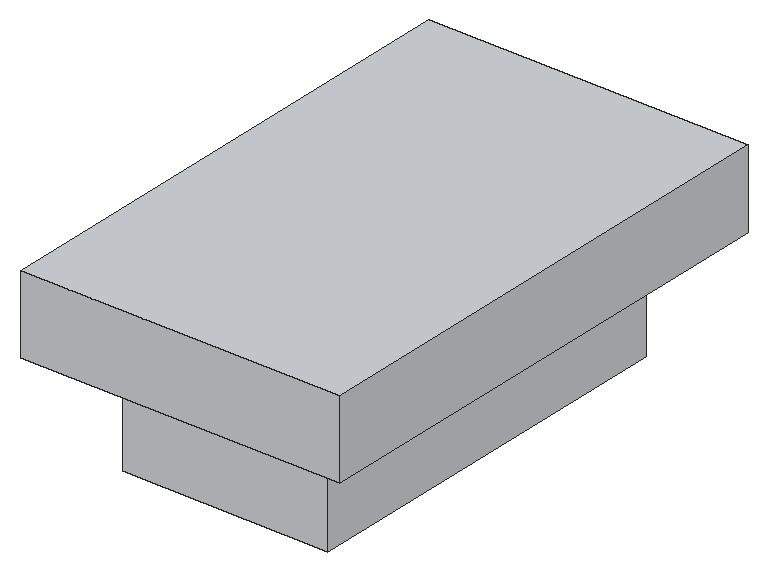
Revit family "3569a9825c114e25b5217640e278b389", category Nurse Call Devices, host Face, Revit 2021
Family settings
  Host = Face
  Maintain Annotation Orientation = Yes
  Round Connector Dimension = Use Diameter
  Part Type = Normal
  OmniClass Number = 23.85.30.24.14
  OmniClass Title = Nurse Call Systems
  Seek Item ID = Toilet Station-0000-USA-ENU
  Cut with Voids When Loaded = No
  Shared = No
  Room Calculation Point = No
Parameters (values of type "Standard")
  Project = 0' - 0 11/16"
  Label = "N"
  Default Elevation = 4' - 0"
  Faceplate Width = 0' - 4 1/2"
  Faceplate Material = none
  Faceplate Length = 0' - 2 13/16"
  Faceplate Height = 0' - 1 5/8"
Reference planes (in)
  plane 1 "Center (Front/Back)": y = 0
  plane 2: z = 0
  plane 3 "Center (Left/Right)": x = 0
  plane 4: y = -4.5
  plane 5: x = -1.40625
  plane 6: x = 1.40625
  plane 7: z = 0.6875
  plane 8: z = -0.9375
  plane 9: x = -0.90625
  plane 10: x = 0.90625
  plane 11: y = -0.5
  plane 12: y = -4
Forms (in)
  Extrusion 1, solid, material <- "Faceplate Material"
    sketch origin (0, 0, 0) x (1, 0, 0) y (0, 1, 0)
      loop
        line (-1.40625, 0) -> (-1.40625, -4.5) -> (1.40625, -4.5) -> (1.40625, 0) -> (-1.40625, 0)
    from 0 to 0.6875
  Extrusion 2, solid, material <- "Faceplate Material"
    sketch origin (0, 0, 0) x (1, 0, 0) y (0, 1, 0)
      loop
        line (-0.90625, -0.5) -> (-0.90625, -4) -> (0.90625, -4) -> (0.90625, -0.5) -> (-0.90625, -0.5)
    from -0.9375 to 0
Lines and regions (in)
  symbolic lines, detail levels fine
    curve 1: line (1.40625, 0, 0.6875) -> (-1.40625, 0, 0.6875)
    curve 2: line (-1.40625, 0, 0.6875) -> (-1.40625, 0, 0)
    curve 3: line (1.40625, 0, 0) -> (1.40625, 0, 0.6875)
    curve 4: line (-1.40625, 0, 0) -> (1.40625, 0, 0)
    curve 5: line (-0.90625, 0, 0) -> (-0.90625, 0, -0.9375)
    curve 6: line (0.90625, 0, -0.9375) -> (0.90625, 0, 0)
    curve 7: line (-0.90625, 0, -0.9375) -> (0.90625, 0, -0.9375)
Dimensions and locks (in)
  equal spacing: plane 5, plane 3 "Center (Left/Right)", plane 6
  "Faceplate Length": plane 5 to plane 6
  "Faceplate Width": plane 1 "Center (Front/Back)" to plane 4
  locked: plane 5 to plane 9 at 0.5
  locked: plane 10 to plane 6 at 0.5
  locked: plane 1 "Center (Front/Back)" to plane 11 at 0.5
  locked: plane 12 to plane 4 at 0.5
  "Faceplate Height": plane 7 to plane 8
  "Project": plane 7 to plane 2
  aligned and locked: plane 2 to host face
  aligned and locked: level to host face
  aligned and locked: plane 5 to Extrusion 1 sketch curve
  aligned and locked: plane 1 "Center (Front/Back)" to Extrusion 1 sketch curve
  aligned and locked: plane 4 to Extrusion 1 sketch curve
  aligned and locked: Extrusion 1 sketch curve to plane 6
  aligned and locked: plane 9 to Extrusion 2 sketch curve
  aligned and locked: Extrusion 2 sketch curve to plane 11
  aligned and locked: plane 12 to Extrusion 2 sketch curve
  aligned and locked: Extrusion 2 sketch curve to plane 10
  aligned and locked: Extrusion 2 to plane 8
  aligned and locked: plane 7 to Extrusion 1
  aligned and locked: Extrusion 1 to plane 2
  aligned and locked: plane 2 to Extrusion 2
  aligned and locked: curve 1 to Extrusion 1
  aligned and locked: curve 2 to Extrusion 1
  aligned and locked: curve 3 to Extrusion 1
  aligned and locked: curve 4 to Extrusion 1
  aligned and locked: curve 5 to Extrusion 2
  aligned and locked: curve 6 to Extrusion 2
  aligned and locked: curve 7 to Extrusion 2
  aligned and locked: plane 1 "Center (Front/Back)" to nested 1
  aligned and locked: plane 3 "Center (Left/Right)" to nested 1
Automatic sketch dimensions
  host sketch curve to host sketch curve = 8' - 0"  (x2)
Nested families (in)
  nested 1: "Toilet Station Annotation" at (0, 0, 0), type "Toilet Station Annotation", detail levels coarse+medium
Connectors (in)
  electrical at (0, -0.5, -0.46875)
    settings: on Extrusion 2, index 1, voltage 0 V, apparent load 0 VA, apparent load phase1 0 VA, apparent load phase2 0 VA, apparent load phase3 0 VA, power factor 1, load classification "Other", number of poles 1, system type 12, power factor state 1, is connector primary yes, connector utility no, sub classification motor no, connector description ""
Definition of nested family "Toilet Station Annotation"
  Parameters
    Label Annotation = "N"
  Reference planes (in)
    plane 1: y = 0
    plane 2: x = 0
  Lines and regions (in)
    reference lines
      curve 1: line (0.07813, 0.44323, 0) -> (0.07812, -0.22769, 0)
      curve 2: line (-0.07812, 0.44323, 0) -> (-0.07812, -0.22769, 0)
      curve 3: line (-0.19318, 0.15625, 0) -> (0.77822, 0.15625, 0)
      curve 4: line (-0.19318, 0, 0) -> (0.77822, 0, 0)
    detail lines
      curve 5: line (-0.07812, 0.15625, 0) -> (0.07812, 0.15625, 0)
      curve 6: line (-0.07812, 0, 0) -> (-0.07812, 0.15625, 0)
      curve 7: line (0.07812, 0, 0) -> (-0.07812, 0, 0)
      curve 8: line (0.07812, 0.15625, 0) -> (0.07812, 0, 0)
  Text (in)
    label "N" at (-0.04544, 0.07495, 0), shows "Label Annotation"
  Dimensions and locks (in)
    locked: plane 2 to curve 1 at 0.07812
    locked: curve 2 to plane 2 at 0.07812
    locked: curve 4 to plane 1
    locked: curve 4 to curve 3 at 0.15625
    aligned and locked: curve 3 to curve 5
    aligned and locked: curve 1 to curve 8
    aligned and locked: curve 7 to curve 4
    aligned and locked: curve 6 to curve 2
